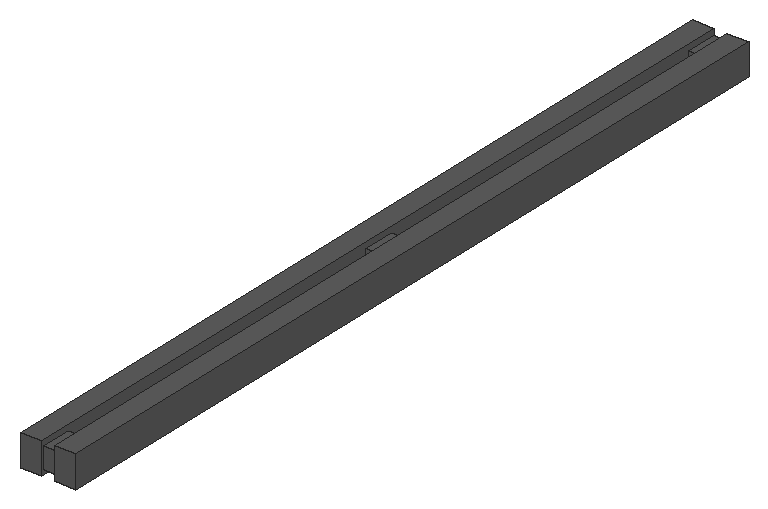
Revit family "EV_COMAIN WALER 1,6_1850159", category Generic Models, Revit 2018
Family settings
  Can host rebar = No
  Round Connector Dimension = Use Diameter
  Part Type = Normal
  OmniClass Number = 35.51.14.00
  OmniClass Title = FORMWORK
  Work Plane-Based = Yes
  Always vertical = No
  Cut with Voids When Loaded = No
  Shared = Yes
  Room Calculation Point = No
Parameters (values of type "EV_COMAIN WALER 1,6_1850159")
  VERSION = "20190101"  # constant formula
  URL = "www.ulmaconstruction.com/en"
  UNICLASS = ""
  Manufacturer = "ULMA CONSTRUCTION"  # constant formula
  ITEM_CODE = "1850159"
  FILTER [instance] = ""
  Default Elevation = 0.000 mm
  CLASSIFICATION_TITLE = ""
  CLASSIFICATION_NUMBER = ""
Reference planes
  plane 1 "Centro (Frontal/Posterior)": y = 0
  plane 2: z = 0
  plane 3 "Centro (Izquierda/Derecha)": x = 0
  plane 4 "START": y = -800
  plane 5 "END": y = 800
Forms (mm)
  Extrusion 1, solid, material "ULMA BLACK", detail levels fine
    sketch origin (0, 0, 0) x (1, 0, 0) y (0, 0, 1)
      loop
        line (-52.5, 0) -> (-12.5, 0) -> (-12.5, 60) -> (-52.5, 60) -> (-52.5, 0)
      loop
        line (12.5, 0) -> (52.5, 0) -> (52.5, 60) -> (12.5, 60) -> (12.5, 0)
    from -800 to 800
  Extrusion 2, solid, material "ULMA BLACK", detail levels fine
    sketch origin (0, 0, 0) x (0, 1, 0) y (0, 0, 1)
      loop
        line (-797, 10) -> (-737, 10) -> (-737, 50) -> (-797, 50) -> (-797, 10)
    from -12.5 to 12.5
  Extrusion 3, solid, material "ULMA BLACK", detail levels fine
    sketch origin (0, 2800, 0) x (0, 1, 0) y (0, 0, 1)
      loop
        line (-2063, 10) -> (-2003, 10) -> (-2003, 50) -> (-2063, 50) -> (-2063, 10)
    from -12.5 to 12.5
  Extrusion 4, solid, material "ULMA BLACK", detail levels fine
    sketch origin (0, 1907.5, 0) x (0, 1, 0) y (0, 0, 1)
      loop
        line (-1937.5, 10) -> (-1877.5, 10) -> (-1877.5, 50) -> (-1937.5, 50) -> (-1937.5, 10)
    from -12.5 to 12.5
  Extrusion 5, solid, material "ULMA BLACK", detail levels coarse+medium
    sketch origin (0, 0, 0) x (1, 0, 0) y (0, 0, 1)
      loop
        line (-52.5, 60) -> (-52.5, 0) -> (52.5, 0) -> (52.5, 60) -> (-52.5, 60)
    from -800 to 800
Cuts and joins
  joined: Extrusion 1, Extrusion 2
Dimensions and locks
  locked: plane 4 "START" to Extrusion 2 sketch curve at 3
  locked: Extrusion 2 sketch curve to Extrusion 2 sketch curve at 60
  locked: Extrusion 3 sketch curve to Extrusion 3 sketch curve at 60
  locked: Extrusion 4 sketch curve to Extrusion 4 sketch curve at 60
  locked: plane 5 "END" to plane 4 "START" at 1600
  aligned and locked: plane 2 to level
  aligned and locked: plane 5 "END" to Extrusion 1
  aligned and locked: Extrusion 1 to plane 4 "START"
  aligned and locked: Extrusion 5 to plane 4 "START"
  aligned and locked: plane 5 "END" to Extrusion 5
